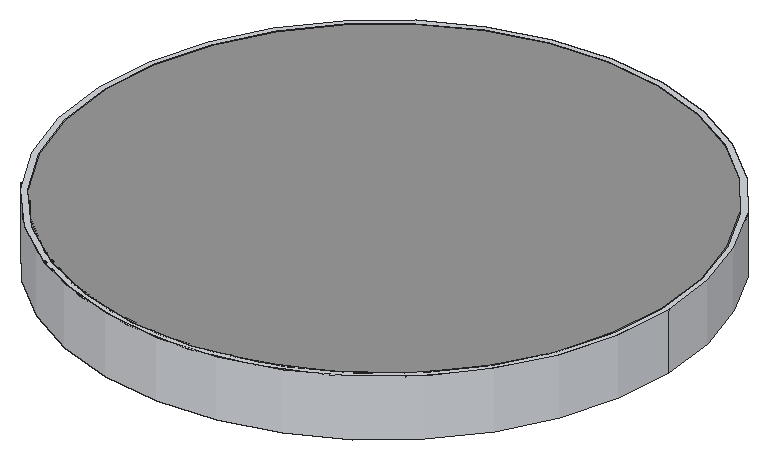
Revit family "2071187", category Lighting Fixtures, host Face, Revit 2018
Family settings
  Host = Face
  Round Connector Dimension = Use Diameter
  Part Type = Normal
  OmniClass Number = 23.80.70.00
  OmniClass Title = Lighting
  Cut with Voids When Loaded = No
  Light Source = Yes
  Shared = No
  Room Calculation Point = No
Parameters (values of type "2071187 COLOSSAL 600 940 OP DIR WHT DALI")
  iner diameter = 588 mm
  Weight = "n/a"
  Wattage Comments = ""
  Wattage = 30 W
  WarrantyStartDate [instance] = "n/a"
  WarrantyGuarantorParts = "n/a"
  WarrantyDurationUnit = "n/a"
  WarrantyDurationParts = ""
  WarrantyDescription = "http://www.sylvania-lighting.com"
  built-in parameter 1150110 = 1 (stored number, unit not read)
  Voltage = 230 V
  URL = "0.99"
  TypeName = "COLOSSAL 600mm 940 OPAL DIR WHITE DALI"
  Type Image = <None>
  Type Comments = "n/a"
  built-in parameter 1114217 = 1 (stored number, unit not read)
  Tilt Angle = -90.00°
  built-in parameter 1150109 = 1 (stored number, unit not read)
  built-in parameter 1150134 = (empty or 0)
  built-in parameter 1150113 = 1 (stored number, unit not read)
  SerialNumber [instance] = "n/a"
  Photometric Web File = "2071187.ies"
  Material_3_SYL = LED-Sylvania
  PowerFactor = 0
  PowerConsumption = "Lighting"
  NominalLength = 600 mm
  NominalHeight = 93 mm
  NominalDepth = 600 mm
  Name = "COLOSSAL 600mm 940 OPAL DIR WHITE DALI"
  ModelReference = Name  # "COLOSSAL 600mm 940 OPAL DIR WHITE DALI"
  ModelNumber = "2071187"
  Model = Name  # "COLOSSAL 600mm 940 OPAL DIR WHITE DALI"
  Material = "Feilo Sylvania"
  ManufacturerName = "113 lm/W"
  Manufacturer = ""
  LuminousEfficacy = ""
  built-in parameter 1150105 = 270.44 (stored number, unit not read)
  Lumens = 3398.4 lm
  LuminaireType = "0"
  built-in parameter 1150115 = 1 (stored number, unit not read)
  LightOutputRatio = "LED"
  built-in parameter 1150137 = (empty or 0)
  built-in parameter 1150139 = (empty or 0)
  LampsType = Lamp  # "n/a"
  LampNominalLuminous = "4000 K"
  LampMacAdamStep = "90"
  LampColourTemperature = "LED"
  LampColourRenderingIndex = "16500"
  built-in parameter 1150112 = 1 (stored number, unit not read)
  built-in parameter 1150114 = 1 (stored number, unit not read)
  Lamp = "n/a"
  Keynote = "n/a"
  InstallationDate [instance] = "n/a"
  InputVoltage = "0"
  InputNominalFrequency = "4000"
  built-in parameter 1150132 = (empty or 0)
  built-in parameter 1150102 = (empty or 0)
  built-in parameter 1150107 = 3000 (stored number, unit not read)
  built-in parameter 1150138 = (empty or 0)
  IngressProtection = "IfcLightFixtureType"
  ImpactProtectionIndex = "IfcLightFixtureType"
  built-in parameter 1150106 = 2.7044 (stored number, unit not read)
  IfcExportType = "IfcLightFixtureType"
  IfcExportAs = "Class I"
  Emit from Circle Diameter = 385 mm
  Emit Shape Visible in Rendering = no
  ElectricShockClassification = "113"
  built-in parameter 1150104 = 10.524 (stored number, unit not read)
  DocumentationLiterature = "http://www.sylvania-lighting.com/product/en-int/products/2071187"
  DimmingControlOptions = "n/a"
  Material_2_SYL = Polycarbonate_Sylvania_White
  Dimming Lamp Color Temperature Shift = <None>
  Description = "600mm diameter circular architectural luminaire, can be surface mounted or suspended. Powder coated aluminium housing (RAL9016) with polycarbonate opal diffuser. Direct light distribution, 4535lm luminuous flux, 40.1W system power, 113lm/W luminiaire efficacy. DALI dimmable. Colour rendering index Ra >90, 4000K Neutral White LED, chromaticity tolerance of 3-step MacAdam ellipse. IP40, IK03. 450mA drive current. Electrical protection Class1, 220-240V. Reported lifetime 66k hours L90B10."
  Default Elevation = 1219.2 mm
  CreatedOn = "23/03/2022"
  CreatedBy = "@sylvania-lighting.com"
  Cost = 0
  Color Filter = 16777215
  built-in parameter 1114216 [instance] = (empty or 0)
  ClassificationValue = "EF_70_80"
  ClassificationName = "Uniclass2015"
  Material_1_SYL = Polycarbonate_Sylvania_Opal
  BarCode [instance] = "n/a"
  built-in parameter 1114218 = 1 (stored number, unit not read)
  built-in parameter 1150133 = 10 (stored number, unit not read)
  AssetType = "Fixed"
  AssetIdentifier [instance] = "n/a"
  Assembly Code = "D5020200"
  Apparent Load = 40.1 VA
  Material_4_SYL = none
Reference planes
  plane 1 "Center (Front/Back)": y = 0
  plane 2: z = 0
  plane 3 "Center (Left/Right)": x = 0
  plane 4: x = -300
  plane 5: x = 300
  plane 6: y = 300
  plane 7: y = -300
  plane 8: y = 212
  plane 9: y = -212
  plane 10: z = 93
  plane 11: y = 294
  plane 12: y = -294
  plane 13: through (0, 0, 1219.2) normal (0.5, -0.866, 0)
  plane 14: through (-134.29, 20.617, 1219.2) normal (0.5, -0.866, 0)
  plane 15: through (-144.685, -181.683, 1219.2) normal (-0.5, 0.866, 0)
  plane 16: through (0, 0, 1219.2) normal (0.5, 0.866, 0)
  plane 17: through (178.555, -4.939, 1219.2) normal (0.5, 0.866, 0)
  plane 18: through (87.581, -148.715, 1219.2) normal (0.5, 0.866, 0)
  plane 19: y = 272
  plane 20: through (105.168, 227.067, 1219.2) normal (0.866, 0.5, 0)
  plane 21: through (-104.171, 225.672, 1219.2) normal (0.8572, -0.515, 0)
  plane 22: y = -204.612
  plane 23: through (-296.643, -30.2, 1219.2) normal (0.866, 0.5, 0)
  plane 24: through (153.092, -278.837, 1219.2) normal (-0.866, 0.5, 0)
Forms (mm)
  Extrusion 1, solid, detail levels medium+fine
    sketch origin (0, 0, 0) x (1, 0, 0) y (0, 1, 0)
      loop
        circle (0, 0) r 300
    from 33.023 to 93
  Extrusion 2, void
    sketch origin (0, 0, 0) x (1, 0, 0) y (0, 1, 0)
      loop
        circle (0, 0) r 294
    from 93 to 37.292
  Extrusion 3, solid, material "Glass, White, High Luminance", detail levels fine
    sketch origin (0, 0, 0) x (1, 0, 0) y (0, 1, 0)
      loop
        circle (0, 0) r 294
    from 88.026 to 93
  Extrusion 4, solid, detail levels coarse
    sketch origin (0, 0, 0) x (1, 0, 0) y (0, 1, 0)
      loop
        line (-300, 300) -> (-300, -300) -> (300, -300) -> (300, 300) -> (-300, 300)
    from 0 to 93
  Blend 5, solid, detail levels medium+fine
    base sketch origin (0, 0, 0) x (1, 0, 0) y (0, 1, 0)
      loop
        line (-76.334, 272) -> (-277.665, -63.07) -> (-195.946, -204.612) -> (195.946, -204.612) -> (275.172, -67.388) -> (79.226, 272) -> (-76.334, 272)
    top sketch origin (0, 0, 0) x (1, 0, 0) y (0, 1, 0)
      loop
        line (-226.097, -32.388) -> (-141.097, -179.612) -> (141.097, -179.612) -> (226.097, -32.388) -> (85, 212) -> (-85, 212) -> (-226.097, -32.388)
    from 33.023 to 0
Cuts and joins
  Extrusion 2 cuts Extrusion 1
Lines and regions (mm)
  model lines
    curve 1: line (-85, 212, 0) -> (0, 212, 0)
    curve 2: line (0, 212, 0) -> (85, 212, 0)
Dimensions and locks
  "NominalDepth": plane 6 to plane 7
  "NominalLength": plane 4 to plane 5
  equal spacing: plane 4, plane 3 "Center (Left/Right)", plane 5
  "iner diameter": plane 11 to plane 12
  equal spacing: plane 11, plane 1 "Center (Front/Back)", plane 12
  equal spacing: plane 6, plane 1 "Center (Front/Back)", plane 7
  "NominalHeight": plane 10 to level
  radius of Extrusion 2 sketch curve = 294 mm
  aligned and locked: plane 2 to host face
  aligned and locked: level to host face
Automatic sketch dimensions
  host sketch curve to host sketch curve = 2438.4 mm  (x2)
  plane 1 "Center (Front/Back)" to Extrusion 1 sketch curve = 0 mm
  Extrusion 1 sketch curve to plane 3 "Center (Left/Right)" = 0 mm
  plane 1 "Center (Front/Back)" to Extrusion 2 sketch curve = 0 mm
  Extrusion 2 sketch curve to plane 3 "Center (Left/Right)" = 0 mm
  plane 1 "Center (Front/Back)" to Extrusion 3 sketch curve = 0 mm
  Extrusion 3 sketch curve to plane 3 "Center (Left/Right)" = 0 mm
  Extrusion 4 sketch curve to plane 4 = 0 mm
  Extrusion 4 sketch curve to plane 5 = 0 mm
  Extrusion 4 sketch curve to plane 7 = 0 mm
  Extrusion 4 sketch curve to plane 6 = 0 mm
  Blend 5 sketch curve to plane 8 = 0 mm
  Blend 5 sketch curve to plane 3 "Center (Left/Right)" = 85 mm
  plane 3 "Center (Left/Right)" to Blend 5 sketch curve = 85 mm
  plane 9 to Blend 5 sketch curve = 32.388 mm
  plane 3 "Center (Left/Right)" to Blend 5 sketch curve = 141.097 mm
  plane 1 "Center (Front/Back)" to Blend 5 sketch curve = 32.388 mm  (x2)
  Blend 5 sketch curve to plane 5 = 73.903 mm
  Blend 5 sketch curve to plane 3 "Center (Left/Right)" = 141.097 mm
  plane 4 to Blend 5 sketch curve = 73.903 mm
  curve 1 to plane 8 = 0 mm
  curve 2 to plane 3 "Center (Left/Right)" = 0 mm
  curve 1 to plane 3 "Center (Left/Right)" = 85 mm
  curve 1 to curve 2 = 85 mm
  Blend 5 sketch curve to plane 21 = 0 mm
  Blend 5 sketch curve to plane 23 = 0 mm  (x2)
  Blend 5 sketch curve to plane 22 = 0 mm
  Blend 5 sketch curve to plane 19 = 0 mm
  plane 21 to Blend 5 sketch curve = 0 mm
  Blend 5 sketch curve to plane 20 = 0 mm  (x2)
  Blend 5 sketch curve to plane 24 = 0 mm  (x2)
  radius of Extrusion 1 sketch curve = 300 mm
  radius of Extrusion 3 sketch curve = 294 mm
Connectors
  electrical at (0, 0, 0), driven by "Apparent Load", driven by "PowerFactor", driven by "Voltage"
    settings: index 1, voltage 230 V, apparent load 40.1 VA, apparent load phase1 0 VA, apparent load phase2 0 VA, apparent load phase3 0 VA, power factor 0, load classification "Lighting", number of poles 1, system type 30, power factor state 1, is connector primary yes, connector utility no, sub classification motor no, connector description ""
